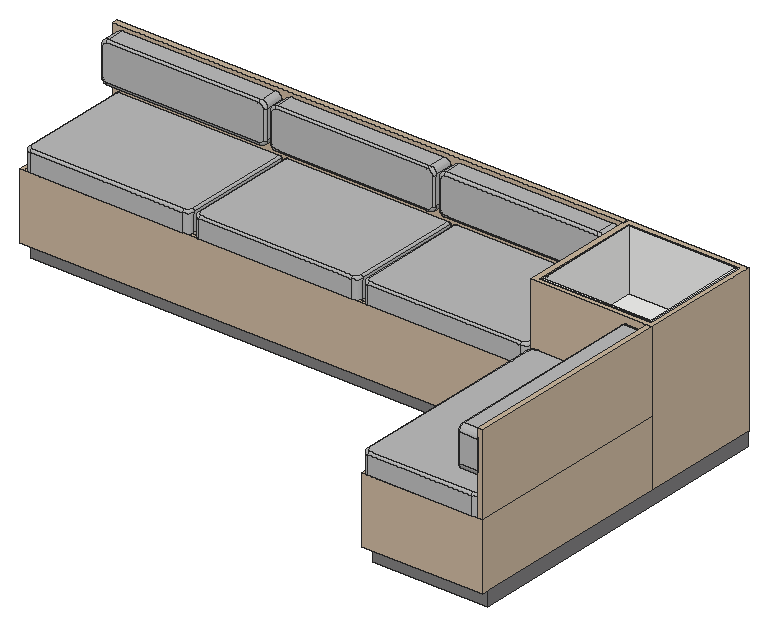
Revit family "Sofa en L con Jardinera 2 MAACH", category Sistemas de mobiliario, Revit 2024 (continued)
Automatic sketch dimensions
  Extrusion 53 sketch curve to Extrusion 53 sketch curve = 0.113 mm  (x3)
  Extrusion 53 sketch curve to Extrusion 53 sketch curve = 30.023 mm  (x2)
  Extrusion 53 sketch curve to Extrusion 53 sketch curve = 760.068 mm
  Extrusion 53 sketch curve to Extrusion 53 sketch curve = 0 mm
  Extrusion 53 sketch curve to Extrusion 53 sketch curve = 29.797 mm
  Extrusion 53 sketch curve to Extrusion 53 sketch curve = 139.955 mm
  Sweep 56 sketch curve to profile plane = 0 mm  (x2)
  Sweep 56 sketch curve to profile plane = 10.607 mm
  profile plane to Sweep 56 sketch curve = 439.393 mm
  Sweep 56 sketch curve to Sweep 56 sketch curve = 10.607 mm
  Sweep 56 sketch curve to Sweep 56 sketch curve = 0 mm  (x3)
  Sweep 56 sketch curve to Sweep 56 sketch curve = 29.91 mm
  Sweep 56 sketch curve to Sweep 56 sketch curve = 30.023 mm  (x2)
  Sweep 56 sketch curve to Sweep 56 sketch curve = 0.113 mm  (x2)
  Sweep 56 sketch curve to Sweep 56 sketch curve = 30.135 mm
  Sweep 56 sketch curve to Sweep 56 sketch curve = 759.955 mm
  Sweep 56 sketch curve to Sweep 56 sketch curve = 29.797 mm
  Sweep 56 sketch curve to Sweep 56 sketch curve = 139.955 mm
  Extrusion 55 sketch curve to Extrusion 55 sketch curve = 29.91 mm
  Extrusion 55 sketch curve to Extrusion 55 sketch curve = 0.113 mm  (x3)
  Extrusion 55 sketch curve to Extrusion 55 sketch curve = 30.023 mm  (x2)
  Extrusion 55 sketch curve to Extrusion 55 sketch curve = 760.068 mm
  Extrusion 55 sketch curve to Extrusion 55 sketch curve = 0 mm
  Extrusion 55 sketch curve to Extrusion 55 sketch curve = 29.797 mm
  Extrusion 55 sketch curve to Extrusion 55 sketch curve = 139.955 mm
  Sweep 58 sketch curve to profile plane = 0 mm  (x2)
  Sweep 58 sketch curve to profile plane = 10.607 mm
  profile plane to Sweep 58 sketch curve = 439.393 mm
  Sweep 58 sketch curve to Sweep 58 sketch curve = 10.607 mm
  Sweep 58 sketch curve to Sweep 58 sketch curve = 0 mm  (x3)
  Sweep 58 sketch curve to Sweep 58 sketch curve = 29.91 mm
  Sweep 58 sketch curve to Sweep 58 sketch curve = 30.023 mm  (x2)
  Sweep 58 sketch curve to Sweep 58 sketch curve = 0.113 mm  (x2)
  Sweep 58 sketch curve to Sweep 58 sketch curve = 30.135 mm
  Sweep 58 sketch curve to Sweep 58 sketch curve = 759.955 mm
  Sweep 58 sketch curve to Sweep 58 sketch curve = 29.797 mm
  Sweep 58 sketch curve to Sweep 58 sketch curve = 139.955 mm
  Extrusion 57 sketch curve to Extrusion 57 sketch curve = 29.91 mm
  Extrusion 57 sketch curve to Extrusion 57 sketch curve = 0.113 mm  (x3)
  Extrusion 57 sketch curve to Extrusion 57 sketch curve = 30.023 mm  (x2)
  Extrusion 57 sketch curve to Extrusion 57 sketch curve = 760.068 mm
  Extrusion 57 sketch curve to Extrusion 57 sketch curve = 0 mm
  Extrusion 57 sketch curve to Extrusion 57 sketch curve = 29.797 mm
  Extrusion 57 sketch curve to Extrusion 57 sketch curve = 139.955 mm
  Sweep 60 sketch curve to profile plane = 0 mm  (x2)
  Sweep 60 sketch curve to profile plane = 10.607 mm
  profile plane to Sweep 60 sketch curve = 439.393 mm
  Sweep 60 sketch curve to Sweep 60 sketch curve = 10.607 mm
  Sweep 60 sketch curve to Sweep 60 sketch curve = 0 mm  (x3)
  Sweep 60 sketch curve to Sweep 60 sketch curve = 29.91 mm
  Sweep 60 sketch curve to Sweep 60 sketch curve = 30.023 mm  (x2)
  Sweep 60 sketch curve to Sweep 60 sketch curve = 0.113 mm  (x2)
  Sweep 60 sketch curve to Sweep 60 sketch curve = 30.135 mm
  Sweep 60 sketch curve to Sweep 60 sketch curve = 989.955 mm
  Sweep 60 sketch curve to Sweep 60 sketch curve = 29.797 mm
  Sweep 60 sketch curve to Sweep 60 sketch curve = 139.955 mm
  Extrusion 59 sketch curve to Extrusion 59 sketch curve = 29.91 mm
  Extrusion 59 sketch curve to Extrusion 59 sketch curve = 0.113 mm  (x3)
  Extrusion 59 sketch curve to Extrusion 59 sketch curve = 30.023 mm  (x2)
  Extrusion 59 sketch curve to Extrusion 59 sketch curve = 990.068 mm
  Extrusion 59 sketch curve to Extrusion 59 sketch curve = 0 mm
  Extrusion 59 sketch curve to Extrusion 59 sketch curve = 29.797 mm
  Extrusion 59 sketch curve to Extrusion 59 sketch curve = 139.955 mm
  Sweep 62 sketch curve to profile plane = 0 mm  (x2)
  Sweep 62 sketch curve to profile plane = 10.607 mm
  profile plane to Sweep 62 sketch curve = 439.393 mm
  Sweep 62 sketch curve to Sweep 62 sketch curve = 10.607 mm
  Sweep 62 sketch curve to Sweep 62 sketch curve = 0 mm  (x3)
  Sweep 62 sketch curve to Sweep 62 sketch curve = 29.91 mm
  Sweep 62 sketch curve to Sweep 62 sketch curve = 30.023 mm  (x2)
  Sweep 62 sketch curve to Sweep 62 sketch curve = 0.113 mm  (x2)
  Sweep 62 sketch curve to Sweep 62 sketch curve = 30.135 mm
  Sweep 62 sketch curve to Sweep 62 sketch curve = 989.955 mm
  Sweep 62 sketch curve to Sweep 62 sketch curve = 29.797 mm
  Sweep 62 sketch curve to Sweep 62 sketch curve = 139.955 mm
  Extrusion 61 sketch curve to Extrusion 61 sketch curve = 29.91 mm
  Extrusion 61 sketch curve to Extrusion 61 sketch curve = 0.113 mm  (x3)
  Extrusion 61 sketch curve to Extrusion 61 sketch curve = 30.023 mm  (x2)
  Extrusion 61 sketch curve to Extrusion 61 sketch curve = 990.068 mm
  Extrusion 61 sketch curve to Extrusion 61 sketch curve = 0 mm
  Extrusion 61 sketch curve to Extrusion 61 sketch curve = 29.797 mm
  Extrusion 61 sketch curve to Extrusion 61 sketch curve = 139.955 mm
  Sweep 64 sketch curve to profile plane = 0 mm  (x2)
  Sweep 64 sketch curve to profile plane = 10.607 mm
  profile plane to Sweep 64 sketch curve = 439.393 mm
  Sweep 64 sketch curve to Sweep 64 sketch curve = 10.607 mm
  Sweep 64 sketch curve to Sweep 64 sketch curve = 0 mm  (x3)
  Sweep 64 sketch curve to Sweep 64 sketch curve = 29.91 mm
  Sweep 64 sketch curve to Sweep 64 sketch curve = 30.023 mm  (x2)
  Sweep 64 sketch curve to Sweep 64 sketch curve = 0.113 mm  (x2)
  Sweep 64 sketch curve to Sweep 64 sketch curve = 30.135 mm
  Sweep 64 sketch curve to Sweep 64 sketch curve = 989.955 mm
  Sweep 64 sketch curve to Sweep 64 sketch curve = 29.797 mm
  Sweep 64 sketch curve to Sweep 64 sketch curve = 139.955 mm
  Extrusion 63 sketch curve to Extrusion 63 sketch curve = 29.91 mm
  Extrusion 63 sketch curve to Extrusion 63 sketch curve = 0.113 mm  (x3)
  Extrusion 63 sketch curve to Extrusion 63 sketch curve = 30.023 mm  (x2)
  Extrusion 63 sketch curve to Extrusion 63 sketch curve = 990.068 mm
  Extrusion 63 sketch curve to Extrusion 63 sketch curve = 0 mm
  Extrusion 63 sketch curve to Extrusion 63 sketch curve = 29.797 mm
  Extrusion 63 sketch curve to Extrusion 63 sketch curve = 139.955 mm
  plane 5 "Centro I/F" to Extrusion 1 sketch curve = 0 mm
  plane 8 "Centro I/L" to Extrusion 1 sketch curve = 10 mm
  Extrusion 1 sketch curve to Extrusion 1 sketch curve = 15 mm  (x3)
  plane 13 "Centro I/S" to Extrusion 1 sketch curve = 15 mm
  plane 5 "Centro I/F" to Extrusion 1 sketch curve = 15 mm
  Extrusion 1 sketch curve to plane 1 "Centro (Frontal/Posterior)" = 45 mm
  plane 13 "Centro I/S" to Extrusion 2 sketch curve = 15 mm
  Extrusion 2 sketch curve to plane 14 "Centro I/T" = 15 mm
  Extrusion 2 sketch curve to plane 6 "Centro I/H" = 15 mm
  plane 1 "Centro (Frontal/Posterior)" to Extrusion 2 sketch curve = 15 mm
  plane 13 "Centro I/S" to Extrusion 3 sketch curve = 15 mm
  Extrusion 3 sketch curve to plane 14 "Centro I/T" = 15 mm
  Extrusion 3 sketch curve to plane 6 "Centro I/H" = 15 mm
  plane 1 "Centro (Frontal/Posterior)" to Extrusion 3 sketch curve = 15 mm
  Extrusion 10 sketch curve to plane 6 "Centro I/H" = 0 mm
  Extrusion 10 sketch curve to plane 1 "Centro (Frontal/Posterior)" = 0 mm
  level to Extrusion 10 sketch curve = 400 mm
  Extrusion 10 sketch curve to Extrusion 10 sketch curve = 400 mm
  plane 13 "Centro I/S" to Extrusion 34 sketch curve = 25 mm
  Extrusion 34 sketch curve to plane 14 "Centro I/T" = 25 mm
  Extrusion 34 sketch curve to plane 1 "Centro (Frontal/Posterior)" = 25 mm
  plane 5 "Centro I/F" to Extrusion 34 sketch curve = 25 mm
  plane 5 "Centro I/F" to Extrusion 35 sketch curve = 0 mm
  Extrusion 35 sketch curve to plane 14 "Centro I/T" = 0 mm
  Extrusion 35 sketch curve to plane 14 "Centro I/T" = 15 mm
  plane 13 "Centro I/S" to Extrusion 35 sketch curve = 45 mm
  Extrusion 35 sketch curve to Extrusion 35 sketch curve = 15 mm  (x2)
  plane 5 "Centro I/F" to Extrusion 35 sketch curve = 15 mm
  Extrusion 35 sketch curve to plane 6 "Centro I/H" = 45 mm
  Extrusion 36 sketch curve to plane 8 "Centro I/L" = 5 mm
  plane 12 "Centro I/R" to Extrusion 36 sketch curve = 5 mm
  Extrusion 36 sketch curve to plane 1 "Centro (Frontal/Posterior)" = 15 mm
  plane 5 "Centro I/F" to Extrusion 36 sketch curve = 15 mm
  plane 6 "Centro I/H" to Extrusion 37 sketch curve = 0 mm
  Extrusion 37 sketch curve to plane 13 "Centro I/S" = 0 mm
  plane 1 "Centro (Frontal/Posterior)" to Extrusion 37 sketch curve = 0 mm
  Extrusion 37 sketch curve to plane 14 "Centro I/T" = 0 mm
  plane 13 "Centro I/S" to Extrusion 37 sketch curve = 15 mm
  Extrusion 37 sketch curve to plane 14 "Centro I/T" = 15 mm
  Extrusion 37 sketch curve to plane 6 "Centro I/H" = 15 mm
  plane 1 "Centro (Frontal/Posterior)" to Extrusion 37 sketch curve = 15 mm
  plane 1 "Centro (Frontal/Posterior)" to Extrusion 38 sketch curve = 0 mm
  plane 5 "Centro I/F" to Extrusion 38 sketch curve = 0 mm
  Extrusion 38 sketch curve to plane 13 "Centro I/S" = 0 mm
  Extrusion 38 sketch curve to plane 10 "Centro I/P" = 0 mm
  plane 12 "Centro I/R" to Extrusion 38 sketch curve = 5 mm
  Extrusion 38 sketch curve to plane 1 "Centro (Frontal/Posterior)" = 15 mm
  plane 5 "Centro I/F" to Extrusion 38 sketch curve = 15 mm
  Extrusion 38 sketch curve to plane 8 "Centro I/L" = 5 mm
  plane 5 "Centro I/F" to Extrusion 39 sketch curve = 0 mm
  Extrusion 39 sketch curve to plane 13 "Centro I/S" = 0 mm
  Extrusion 39 sketch curve to plane 14 "Centro I/T" = 0 mm
  plane 1 "Centro (Frontal/Posterior)" to Extrusion 39 sketch curve = 0 mm
  plane 13 "Centro I/S" to Extrusion 39 sketch curve = 25 mm
  Extrusion 39 sketch curve to plane 14 "Centro I/T" = 25 mm
  Extrusion 39 sketch curve to plane 1 "Centro (Frontal/Posterior)" = 25 mm
  plane 5 "Centro I/F" to Extrusion 39 sketch curve = 25 mm
  Extrusion 40 sketch curve to plane 8 "Centro I/L" = 5 mm
  plane 12 "Centro I/R" to Extrusion 40 sketch curve = 5 mm
  Extrusion 40 sketch curve to plane 1 "Centro (Frontal/Posterior)" = 15 mm
  plane 5 "Centro I/F" to Extrusion 40 sketch curve = 15 mm
  plane 13 "Centro I/S" to Extrusion 50 sketch curve = 25 mm
  Extrusion 50 sketch curve to Extrusion 50 sketch curve = 9 mm  (x4)
  Extrusion 50 sketch curve to plane 14 "Centro I/T" = 34 mm
  Extrusion 50 sketch curve to plane 1 "Centro (Frontal/Posterior)" = 25 mm
  plane 5 "Centro I/F" to Extrusion 50 sketch curve = 34 mm
  plane 13 "Centro I/S" to Extrusion 65 sketch curve = 25 mm
  Extrusion 65 sketch curve to plane 14 "Centro I/T" = 25 mm
  Extrusion 65 sketch curve to plane 1 "Centro (Frontal/Posterior)" = 25 mm
  plane 5 "Centro I/F" to Extrusion 65 sketch curve = 25 mm
  plane 7 "Centro I/K" to Extrusion 66 sketch curve = 2.5 mm
  Extrusion 66 sketch curve to plane 3 "Centro (Izquierda/Derecha)" = 2.5 mm
  Extrusion 66 sketch curve to plane 1 "Centro (Frontal/Posterior)" = 45 mm
  plane 5 "Centro I/F" to Extrusion 66 sketch curve = 15 mm
  plane 9 "Centro I/M" to Extrusion 67 sketch curve = 2.5 mm
  Extrusion 67 sketch curve to plane 11 "Centro I/Q" = 2.5 mm
  Extrusion 67 sketch curve to plane 1 "Centro (Frontal/Posterior)" = 45 mm
  plane 5 "Centro I/F" to Extrusion 67 sketch curve = 15 mm
  plane 1 "Centro (Frontal/Posterior)" to Extrusion 68 sketch curve = 7.5 mm
  Extrusion 68 sketch curve to plane 1 "Centro (Frontal/Posterior)" = 7.5 mm
  Extrusion 68 sketch curve to plane 14 "Centro I/T" = 15 mm
  plane 13 "Centro I/S" to Extrusion 68 sketch curve = 45 mm
  plane 13 "Centro I/S" to Extrusion 69 sketch curve = 45 mm
  plane 1 "Centro (Frontal/Posterior)" to Extrusion 69 sketch curve = 513.75 mm
  Extrusion 69 sketch curve to Extrusion 69 sketch curve = 15 mm
  Extrusion 69 sketch curve to plane 14 "Centro I/T" = 15 mm
  plane 9 "Centro I/M" to Extrusion 70 sketch curve = 860 mm
  level to Extrusion 70 sketch curve = 400 mm
  Extrusion 70 sketch curve to Extrusion 70 sketch curve = 400 mm
  Extrusion 70 sketch curve to plane 7 "Centro I/K" = 840 mm
